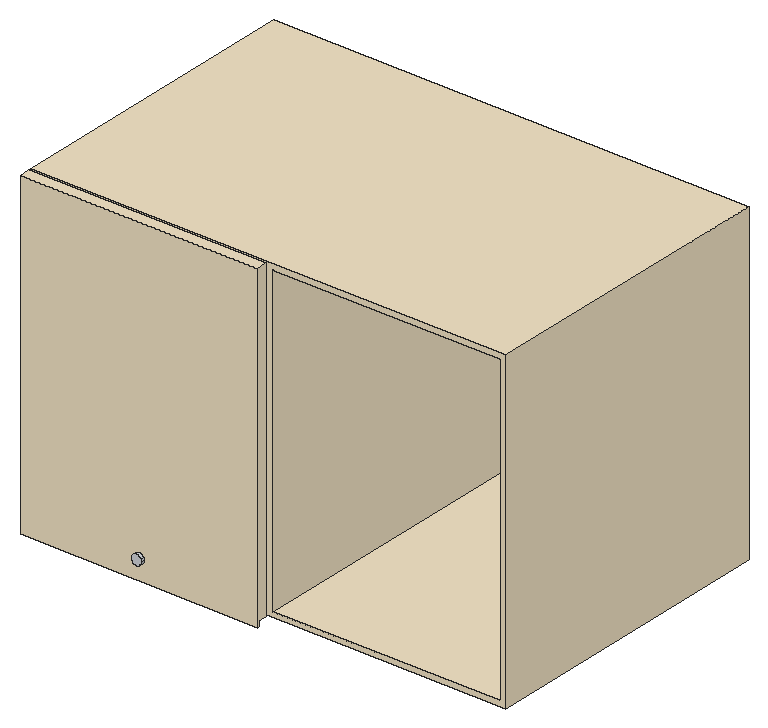
Revit family "M_Sistema de mobiliário-armazenamento-armário-suspenso-dividido", category Sistema de mobiliário, Revit 2019
Family settings
  Cota do conector redondo = Utilizar diâmetro
  Tipo de parte = Normal
  Número OmniClass = 23.40.70.14.64.21
  Título OmniClass = Systems Furniture
  Com base no plano de trabalho = Não
  Sempre na vertical = Sim
  Corte com vazios quando carregada = Não
  Compartilhado = Não
  Ponto de cálculo do ambiente = Não
Parameters (values of type "600 x 400 x 400mm")
  Largura = 600 mm
  Comentários de tipos = "Armário suspenso dividido de 600 x 400 x 400 mm"
  Model = ""
  Manufacturer = ""
  Altura = 400 mm
  Material da porta [instance] = Metal – Pintado – Bege
  Description = ""
  Linear = 400 mm
  Material do armário [instance] = Metal – Pintado – Bege
Types (5, lengths in mm): name | Largura | Comentários de tipos
  750 x 400 x 400mm | 750 | "Armário suspenso dividido de 750 x 400 x 400 mm"
  600 x 400 x 400mm | 600 | "Armário suspenso dividido de 600 x 400 x 400 mm"
  900 x 400 x 400mm | 900 | "Armário suspenso dividido de 900 x 400 x 400 mm"
  1050 x 400 x 400mm | 1050 | "Armário suspenso dividido de 1050 x 400 x 400 mm"
  1200 x 400 x 400mm | 1200 | "Armário suspenso dividido de 1200 x 400 x 400 mm"
Reference planes
  plane 1 "Centro (Frente/Trás)": y = 381
  plane 2: z = 0
  plane 3 "Centro (Esquerda/Direita)": x = 0
  plane 4 "Esquerda": x = -300
  plane 5 "Direita": x = 300
  plane 6 "Parte frontal": y = -19
  plane 7: y = -2.338
  plane 8 "Superior": z = 400
  plane 9: z = -6.35
  plane 10: y = -5.513
  plane 11: y = 374.65
  plane 12: x = -150
Forms (mm)
  Extrusion 1, solid, material "Metal – Pintado – Bege" <- "Material do armário"
    sketch origin (0, 558.8, 0) x (1, 0, 0) y (0, 1, 0)
      loop
        line (-300, -177.8) -> (-300, -561.138) -> (300, -561.138) -> (300, -177.8) -> (-300, -177.8)
    from 0 to 400
  Extrusion 2, solid, material "Metal – Pintado – Bege" <- "Material da porta", detail levels medium+fine
    sketch origin (0, 0, 0) x (0, 1, 0) y (0, 0, 1)
      loop
        line (-5.513, 0) -> (-5.513, 400) -> (-19, 400) -> (-19, -6.35) -> (-17.476, -6.35) -> (-17.476, 0) -> (-5.513, 0)
    from -300 to 0
  Extrusion 3, solid, material "Metal – Pintado – Bege" <- "Material da porta", detail levels coarse
    sketch origin (0, 381, 0) x (1, 0, 0) y (0, 0, 1)
      loop
        line (-300, -6.35) -> (0, -6.35) -> (0, 400) -> (-300, 400) -> (-300, -6.35)
    from 386.513 to 400
  Extrusion 4, solid, detail levels fine
    sketch origin (0, -19, 0) x (-1, 0, 0) y (0, 0, 1)
      loop
        circle (150, 19.05) r 6.35
    from -3.555 to 0
  Extrusion 5, void
    sketch origin (0, -19, 0) x (-1, 0, 0) y (0, 0, 1)
      loop
        line (293.65, 393.65) -> (6.35, 393.65) -> (6.35, 6.35) -> (293.65, 6.35) -> (293.65, 393.65)
      loop
        line (-293.65, 6.35) -> (-6.35, 6.35) -> (-6.35, 393.65) -> (-293.65, 393.65) -> (-293.65, 6.35)
    from 16.662 to 393.65
Cuts and joins
  Extrusion 5 cuts Extrusion 1
  Extrusion 5 cuts Extrusion 2
  Extrusion 5 cuts Extrusion 3
  Extrusion 5 cuts Extrusion 4
Lines and regions (mm)
  Masking region 1
    outline origin (0, 558.8, 0) x (1, 0, 0) y (0, 1, 0)
      loop
        line (-300, -177.8) -> (-300, -577.8) -> (0, -577.8) -> (0, -561.138) -> (300, -561.138) -> (300, -177.8) -> (-300, -177.8)
  symbolic lines, style "Armazenamento"
    curve 1: line (-300, -2.338, 0) -> (0, -2.338, 0)
    curve 4: line (-300, -2.338, 0) -> (0, 381, 0)
    curve 5: line (0, -2.338, 0) -> (300, 381, 0)
  symbolic lines, style "FurnitureSystemsHiddenLines"
    curve 2: line (-300, -19, 400) -> (-150, -19, 0)
    curve 3: line (0, -19, 400) -> (-150, -19, 0)
    curve 6: line (0, 381, 0) -> (0, -2.338, 0)
Dimensions and locks
  "Largura": plane 4 "Esquerda" to plane 5 "Direita"
  "Linear": plane 6 "Parte frontal" to plane 1 "Centro (Frente/Trás)"
  equal spacing: plane 4 "Esquerda", plane 3 "Centro (Esquerda/Direita)", plane 5 "Direita"
  locked: plane 7 to plane 6 "Parte frontal" at 16.662
  locked: plane 6 "Parte frontal" to Extrusion 2 sketch curve at 1.524
  "Altura": plane 8 "Superior" to plane 2
  locked: plane 10 to plane 7 at 3.175
  plane 9 to Extrusion 3 sketch curve = 0 mm
  locked: plane 2 to plane 9 at 6.35
  locked: Extrusion 4 sketch curve to plane 9 at 25.4
  locked: plane 6 "Parte frontal" to Extrusion 4 at 3.555
  locked: plane 8 "Superior" to Extrusion 5 sketch curve at 6.35
  locked: Extrusion 5 sketch curve to plane 2 at 6.35
  locked: Extrusion 5 sketch curve to plane 5 "Direita" at 6.35
  locked: Extrusion 5 sketch curve to plane 4 "Esquerda" at 6.35
  locked: plane 1 "Centro (Frente/Trás)" to plane 11 at 6.35
  locked: Extrusion 5 sketch curve to plane 3 "Centro (Esquerda/Direita)" at 6.35  (x2)
  equal spacing: plane 3 "Centro (Esquerda/Direita)", plane 12, plane 4 "Esquerda"
  aligned and locked: plane 1 "Centro (Frente/Trás)" to Extrusion 1 sketch curve
  aligned and locked: Extrusion 1 sketch curve to plane 5 "Direita"
  aligned and locked: plane 4 "Esquerda" to Extrusion 1 sketch curve
  aligned and locked: plane 7 to Extrusion 1 sketch curve
  aligned: Extrusion 1 to plane 9
  aligned and locked: Extrusion 2 sketch curve to plane 6 "Parte frontal"
  aligned and locked: Extrusion 2 to plane 4 "Esquerda"
  aligned: plane 5 "Direita" to Extrusion 2
  aligned and locked: level to plane 2
  aligned and locked: Extrusion 2 sketch curve to plane 10
  aligned and locked: plane 1 "Centro (Frente/Trás)" to Masking region 1 sketch curve
  aligned and locked: Masking region 1 sketch curve to plane 5 "Direita"
  aligned and locked: plane 4 "Esquerda" to Masking region 1 sketch curve
  aligned and locked: plane 4 "Esquerda" to Extrusion 3 sketch curve
  aligned: plane 10 to Extrusion 3
  aligned: Extrusion 3 to plane 6 "Parte frontal"
  aligned and locked: Extrusion 1 to plane 2
  aligned and locked: plane 8 "Superior" to Extrusion 1
  aligned and locked: plane 8 "Superior" to Extrusion 3 sketch curve
  aligned and locked: Extrusion 2 sketch curve to plane 8 "Superior"
  aligned and locked: Extrusion 2 sketch curve to plane 9
  aligned and locked: Extrusion 2 sketch curve to level
  aligned and locked: Extrusion 3 to plane 9
  aligned and locked: plane 6 "Parte frontal" to Extrusion 4
  aligned and locked: Extrusion 5 to plane 7
  aligned and locked: Extrusion 5 to plane 11
  aligned and locked: Extrusion 3 sketch curve to plane 3 "Centro (Esquerda/Direita)"
  aligned and locked: plane 3 "Centro (Esquerda/Direita)" to cut or joined group of Extrusion 2, Extrusion 5
  aligned and locked: plane 12 to Extrusion 4 sketch curve
  aligned and locked: cut or joined group of Extrusion 3, Extrusion 5 to plane 6 "Parte frontal"
  aligned and locked: plane 10 to cut or joined group of Extrusion 3, Extrusion 5
  aligned and locked: plane 3 "Centro (Esquerda/Direita)" to Masking region 1 sketch curve
  aligned and locked: Masking region 1 sketch curve to plane 7
  aligned and locked: plane 4 "Esquerda" to curve 4
  aligned and locked: plane 1 "Centro (Frente/Trás)" to curve 4
  aligned and locked: plane 1 "Centro (Frente/Trás)" to curve 5
  aligned and locked: plane 5 "Direita" to curve 5
  aligned and locked: curve 6 to plane 3 "Centro (Esquerda/Direita)"
  aligned and locked: plane 7 to curve 6
  aligned and locked: plane 7 to curve 4
  aligned and locked: plane 7 to cut or joined group of Extrusion 1, Extrusion 5
Automatic sketch dimensions
  Extrusion 5 sketch curve to Extrusion 5 sketch curve = 0 mm  (x2)
  curve 3 to plane 3 "Centro (Esquerda/Direita)" = 0 mm
  curve 2 to plane 12 = 0 mm
  curve 3 to level = 0 mm
  curve 2 to plane 4 "Esquerda" = 0 mm
  curve 3 to plane 8 "Superior" = 0 mm
  curve 2 to plane 8 "Superior" = 0 mm
  Masking region 1 sketch curve to plane 6 "Parte frontal" = 0 mm
  radius of Extrusion 4 sketch curve = 6.35 mm
